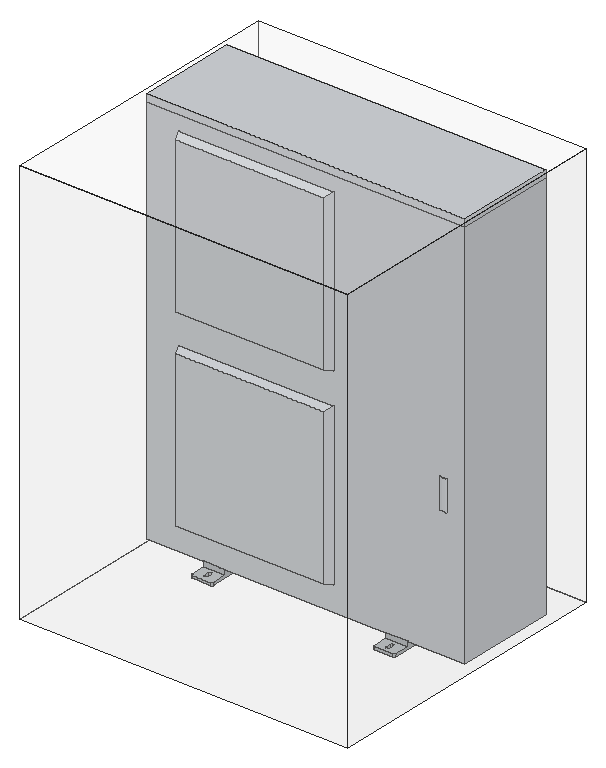
Revit family "puz-hrmp80_160ka10_50hz", category 機械設備, Revit 2023
Family settings
  丸型コネクタ寸法 = 直径を使用
  パーツ タイプ = 標準
  OmniClass 番号 = 23.75.10.24.21.27.27
  OmniClass タイトル = Split System Air Conditioning Units
  作業面ベース = いいえ
  常に垂直 = はい
  ロード時にボイドで切り取り = いいえ
  注釈の向きを維持 = いいえ
  共有 = いいえ
  部屋計算ポイント = いいえ
Parameters (values of type "PUZ-HRMP80KA10")
  風量_冷房 (㎥/min) = 110
  風量 = [風量_冷房 (㎥/min)] * 60.0 m³/h  # 6600.0 m³/h
  音響パワーレベル_暖房 (dB) = 68
  音響パワーレベル_冷房 (dB) = 66
  音響パワーレベル(dB) = if([音響パワーレベル_冷房 (dB)] > [音響パワーレベル_暖房 (dB)], [音響パワーレベル_冷房 (dB)], [音響パワーレベル_暖房 (dB)])  # 68
  電源種別 = ""
  電源位置Y = 2 mm
  電源位置Z = 1063 mm
  電源位置X = 325 mm
  電圧 = 200 V
  電動機出力_送風機 = 0.12 kW
  電動機出力_圧縮機 = 1.5 kW
  集中コントローラ [instance] = ""
  運転質量 = 0.00 kg
  運転方法 = "冷暖切替"
  質量 = if(製品質量 > 運転質量, 製品質量, 運転質量) * 1.2  # 135.60 kg
  負荷分類 = 1_熱源類
  説明 = "空冷H/P PAC インバータ室外機"
  設計暖房能力 [instance] = 0 kW
  設計冷房能力_顕熱 [instance] = 0 kW
  設計冷房能力 [instance] = 0 kW
  設置方法 = "床置形"
  記号 [instance] = ""
  製造元 = "三菱電機株式会社"
  製品質量 = 113.00 kg
  製品出荷対象 = "国内"
  製品リリース年月 = "2026/5/11"
  系統 [instance] = ""
  符号 = "PAC"
  積算_科目 = "1 空気調和設備"
  積算_拾い区分 [instance] = ""
  相 = 3
  盤記号 [instance] = ""
  発停方法 = "別売リモコン"
  特殊仕様 [instance] = ""
  消費電力_暖房 = 1.92 kW
  消費電力_冷房 = 1.77 kW
  消費電力 = if(消費電力_冷房 > 消費電力_暖房, 消費電力_冷房, 消費電力_暖房)  # 1.92 kW
  法定耐用年数 = "6"
  極数 = 3
  材質 [instance] = ""
  本体マテリアル = none
  最小電線太さ_mm2 = 5.5
  最大電流値 = 0 A
  暖房能力 = 8 kW
  既定の高さ = 0 mm
  推奨ブレーカー容量 = 30 A
  据付ピッチ1 = 0 mm
  形式 = "パッケージ形 室外機"
  形名 = PUZ-HDRMP-3 : PUZ-HDRMP-3
  幹線記号 [instance] = ""
  始動方式 = "インバータ"
  呼称 = "パッケージ形空気調和機_室外機"
  周波数 = 50 Hz
  価格 = 0
  ドレン　位置Z = 23 mm
  ドレン　位置Y = 176 mm
  ドレン　位置X = 45 mm
  アンカーボルト位置Y = 370 mm
  アンカーボルト位置X = 600 mm
  参照している仕様書等のバージョン = "公共建築物標準仕様書（機械設備工事編）平成31年度版"
  分類コード = "50053003126100"
  分類グループ = "設備"
  冷房能力 = 7.1 kW
  冷媒管（ガス）位置X = 483 mm
  冷媒管（液）位置X = 423 mm
  冷媒管（液）位置Y = 290 mm
  冷媒管（ガス）位置Y = 234 mm
  冷媒管長 [instance] = 0 mm
  冷媒管径符号 = "Bd"
  冷媒管径 = 100 mm
  冷媒管位置Z = 450 mm
  冷媒管位置Y = (冷媒管（液）位置Y + 冷媒管（ガス）位置Y) / 2  # 262 mm
  冷媒管位置X = (冷媒管（液）位置X + 冷媒管（ガス）位置X) / 2  # 453 mm
  冷媒液管径 = 9.52 mm
  冷媒ガス管径 = 15.88 mm
  企業コード = "108420"
  付属品 [instance] = ""
  ユニット数 = 1
  モデル = "PUZ-HRMP80KA10"
  ドレン管径 = 33 mm
  サービススペース = yes
  コメント [instance] = ""
  【値が 0 の項目は組合せ形名にてご確認ください】 = ""
  Width = 1050 mm
  Version = ""
  Uniclass2015Version = "Systems v1.9"
  Uniclass2015Title = "Split coil remote air cooled condensing units"
  Uniclass2015Code = "Pr_70_65_03_84"
  URL = "https://www.mitsubishielectric.co.jp/ldg/wink/qr/002/364622"
  SpecificationReference = ""
  SpecificationDescription = ""
  Revision = ""
  ProductInformation = ""
  OmniClassCode = "23-33 17 13 11"
  IfcTypeProduct = ""
  IfcProduct = ""
  IfcExportType = "AIRCONDITIONINGUNIT"
  IfcExportAs = "IfcUnitaryEquipmentType"
  Height = 1338 mm
  Depth = 330 mm
  Clearance Top = 0 mm
  Clearance Right = 15 mm
  Clearance Left = 15 mm
  Clearance Front = 500 mm
  Clearance Bottom = 0 mm
  Clearance Back = 150 mm
  COP_暖房 = 0
  COP_冷房 = 0
  COP = (COP_冷房 + COP_暖房) / 2  # 0
  BLCJ仕様バージョン = "2.0"
  Author = "三菱電機株式会社"
  APF = 0
Reference planes
  plane 1 "中心(正面/背面)": y = 74
  plane 2: z = 0
  plane 3 "中心(左/右)": x = 830
  plane 4 "右": x = 1355
  plane 5 "左": x = 305
  plane 6 "背面": y = 239
  plane 7 "正面": y = -91
  plane 8 "上部": z = 1338
  plane 9 "Clearanse Top": z = 1338
  plane 10 "SS_back": y = 389
  plane 11 "SS_front": y = -591
  plane 12 "SS_left": x = 290
  plane 13 "SS_right": x = 1370
  plane 14: z = 0
  plane 15: y = -89
  plane 16: x = 1155
  plane 17: z = 1063
  plane 18: y = -87
  plane 19: y = -23
  plane 20: x = 1283
  plane 21: z = 450
  plane 22: z = 452
  plane 23: y = 63
  plane 24: x = 350
  plane 25: z = 25
  plane 26: z = 23
  plane 27: x = 530
  plane 28: x = 1130
  plane 29: y = 259
  plane 30: y = -111
Forms (mm)
  Extrusion 1, solid, detail levels fine
    sketch origin (0, -91, 0) x (1, 0, 0) y (0, 0, 1)
      loop
        circle (1155, 1063) r 13.5
    from -4 to -2
  Extrusion 2, solid, detail levels fine
    sketch origin (-1437.329, -1524, 54) x (-1, 0, 0) y (0, -1, 0)
      loop
        circle (-2720.329, -1501) r 50
    from 396 to 398
  Extrusion 3, solid, detail levels fine
    sketch origin (-1437.329, -1524, 54) x (-1, 0, 0) y (0, -1, 0)
      loop
        circle (-1787.329, -1587) r 16.5
    from -31 to -29
Lines and regions (mm)
  model lines, not visible
    curve 1: line (460, 178.667, 1289.179) -> (460, 297.73, 1289.179)
    curve 2: line (460, 178.667, 1056.056) -> (460, 178.667, 1289.179)
    curve 3: line (460, 297.73, 1056.056) -> (460, 178.667, 1056.056)
    curve 4: line (460, 297.73, 1289.179) -> (460, 297.73, 1056.056)
    curve 5: line (460, 47.598, 1289.179) -> (460, 166.661, 1289.179)
    curve 6: line (460, 47.598, 1056.056) -> (460, 47.598, 1289.179)
    curve 7: line (460, 166.661, 1056.056) -> (460, 47.598, 1056.056)
    curve 8: line (460, 166.661, 1289.179) -> (460, 166.661, 1056.056)
    curve 9: line (460, -83.471, 1289.179) -> (460, 35.592, 1289.179)
    curve 10: line (460, -83.471, 1056.056) -> (460, -83.471, 1289.179)
    curve 11: line (460, 35.592, 1056.056) -> (460, -83.471, 1056.056)
    curve 12: line (460, 35.592, 1289.179) -> (460, 35.592, 1056.056)
    curve 13: line (460, -150.779, 1289.179) -> (460, -95.75, 1289.179)
    curve 14: line (460, -150.779, 1056.056) -> (460, -150.779, 1289.179)
    curve 15: line (460, -95.75, 1056.056) -> (460, -150.779, 1056.056)
    curve 16: line (460, -95.75, 1289.179) -> (460, -95.75, 1056.056)
    curve 17: line (460, -150.779, 1283.175) -> (460, -132.596, 1283.175)
    curve 18: line (460, -150.779, 1062.059) -> (460, -150.779, 1283.175)
    curve 19: line (460, -132.596, 1062.059) -> (460, -150.779, 1062.059)
    curve 20: line (460, -132.596, 1283.175) -> (460, -132.596, 1062.059)
    curve 21: line (460, 178.667, 1046.051) -> (460, 297.73, 1046.051)
    curve 22: line (460, 178.667, 812.928) -> (460, 178.667, 1046.051)
    curve 23: line (460, 297.73, 812.928) -> (460, 178.667, 812.928)
    curve 24: line (460, 297.73, 1046.051) -> (460, 297.73, 812.928)
    curve 25: line (460, 47.598, 1046.051) -> (460, 166.661, 1046.051)
    curve 26: line (460, 47.598, 812.928) -> (460, 47.598, 1046.051)
    curve 27: line (460, 166.661, 812.928) -> (460, 47.598, 812.928)
    curve 28: line (460, 166.661, 1046.051) -> (460, 166.661, 812.928)
    curve 29: line (460, -83.471, 1046.051) -> (460, 35.592, 1046.051)
    curve 30: line (460, -83.471, 812.928) -> (460, -83.471, 1046.051)
    curve 31: line (460, 35.592, 812.928) -> (460, -83.471, 812.928)
    curve 32: line (460, 35.592, 1046.051) -> (460, 35.592, 812.928)
    curve 33: line (460, -150.779, 1046.051) -> (460, -95.75, 1046.051)
    curve 34: line (460, -150.779, 812.928) -> (460, -150.779, 1046.051)
    curve 35: line (460, -95.75, 812.928) -> (460, -150.779, 812.928)
    curve 36: line (460, -95.75, 1046.051) -> (460, -95.75, 812.928)
    curve 37: line (460, -150.779, 1040.048) -> (460, -132.596, 1040.048)
    curve 38: line (460, -150.779, 818.931) -> (460, -150.779, 1040.048)
    curve 39: line (460, -132.596, 818.931) -> (460, -150.779, 818.931)
    curve 40: line (460, -132.596, 1040.048) -> (460, -132.596, 818.931)
    curve 41: line (460, 178.667, 802.923) -> (460, 297.73, 802.923)
    curve 42: line (460, 178.667, 569.8) -> (460, 178.667, 802.923)
    curve 43: line (460, 297.73, 569.8) -> (460, 178.667, 569.8)
    curve 44: line (460, 297.73, 802.923) -> (460, 297.73, 569.8)
    curve 45: line (460, 47.598, 802.923) -> (460, 166.661, 802.923)
    curve 46: line (460, 47.598, 569.8) -> (460, 47.598, 802.923)
    curve 47: line (460, 166.661, 569.8) -> (460, 47.598, 569.8)
    curve 48: line (460, 166.661, 802.923) -> (460, 166.661, 569.8)
    curve 49: line (460, -83.471, 802.923) -> (460, 35.592, 802.923)
    curve 50: line (460, -83.471, 569.8) -> (460, -83.471, 802.923)
    curve 51: line (460, 35.592, 569.8) -> (460, -83.471, 569.8)
    curve 52: line (460, 35.592, 802.923) -> (460, 35.592, 569.8)
    curve 53: line (460, -150.779, 802.923) -> (460, -95.75, 802.923)
    curve 54: line (460, -150.779, 569.8) -> (460, -150.779, 802.923)
    curve 55: line (460, -95.75, 569.8) -> (460, -150.779, 569.8)
    curve 56: line (460, -95.75, 802.923) -> (460, -95.75, 569.8)
    curve 57: line (460, -150.779, 796.92) -> (460, -132.596, 796.92)
    curve 58: line (460, -150.779, 575.803) -> (460, -150.779, 796.92)
    curve 59: line (460, -132.596, 575.803) -> (460, -150.779, 575.803)
    curve 60: line (460, -132.596, 796.92) -> (460, -132.596, 575.803)
    curve 61: line (460, 178.667, 559.795) -> (460, 297.73, 559.795)
    curve 62: line (460, 178.667, 326.672) -> (460, 178.667, 559.795)
    curve 63: line (460, 297.73, 326.672) -> (460, 178.667, 326.672)
    curve 64: line (460, 297.73, 559.795) -> (460, 297.73, 326.672)
    curve 65: line (460, 47.598, 559.795) -> (460, 166.661, 559.795)
    curve 66: line (460, 47.598, 326.672) -> (460, 47.598, 559.795)
    curve 67: line (460, 166.661, 326.672) -> (460, 47.598, 326.672)
    curve 68: line (460, 166.661, 559.795) -> (460, 166.661, 326.672)
    curve 69: line (460, -83.471, 559.795) -> (460, 35.592, 559.795)
    curve 70: line (460, -83.471, 326.672) -> (460, -83.471, 559.795)
    curve 71: line (460, 35.592, 326.672) -> (460, -83.471, 326.672)
    curve 72: line (460, 35.592, 559.795) -> (460, 35.592, 326.672)
    curve 73: line (460, -150.779, 559.795) -> (460, -95.75, 559.795)
    curve 74: line (460, -150.779, 326.672) -> (460, -150.779, 559.795)
    curve 75: line (460, -95.75, 326.672) -> (460, -150.779, 326.672)
    curve 76: line (460, -95.75, 559.795) -> (460, -95.75, 326.672)
    curve 77: line (460, -150.779, 553.792) -> (460, -132.596, 553.792)
    curve 78: line (460, -150.779, 332.675) -> (460, -150.779, 553.792)
    curve 79: line (460, -132.596, 332.675) -> (460, -150.779, 332.675)
    curve 80: line (460, -132.596, 553.792) -> (460, -132.596, 332.675)
    curve 81: line (460, 178.667, 316.667) -> (460, 297.73, 316.667)
    curve 82: line (460, 178.667, 83.544) -> (460, 178.667, 316.667)
    curve 83: line (460, 297.73, 83.544) -> (460, 178.667, 83.544)
    curve 84: line (460, 297.73, 316.667) -> (460, 297.73, 83.544)
    curve 85: line (460, 47.598, 316.667) -> (460, 166.661, 316.667)
    curve 86: line (460, 47.598, 83.544) -> (460, 47.598, 316.667)
    curve 87: line (460, 166.661, 83.544) -> (460, 47.598, 83.544)
    curve 88: line (460, 166.661, 316.667) -> (460, 166.661, 83.544)
    curve 89: line (460, -83.471, 316.667) -> (460, 35.592, 316.667)
    curve 90: line (460, -83.471, 83.544) -> (460, -83.471, 316.667)
    curve 91: line (460, 35.592, 83.544) -> (460, -83.471, 83.544)
    curve 92: line (460, 35.592, 316.667) -> (460, 35.592, 83.544)
    curve 93: line (460, -150.779, 316.667) -> (460, -95.75, 316.667)
    curve 94: line (460, -150.779, 83.544) -> (460, -150.779, 316.667)
    curve 95: line (460, -95.75, 83.544) -> (460, -150.779, 83.544)
    curve 96: line (460, -95.75, 316.667) -> (460, -95.75, 83.544)
    curve 97: line (460, -150.779, 310.664) -> (460, -132.596, 310.664)
    curve 98: line (460, -150.779, 89.547) -> (460, -150.779, 310.664)
    curve 99: line (460, -132.596, 89.547) -> (460, -150.779, 89.547)
    curve 100: line (460, -132.596, 310.664) -> (460, -132.596, 89.547)
Dimensions and locks
  equal spacing: plane 7 "正面", plane 1 "中心(正面/背面)", plane 6 "背面"
  "Depth": plane 7 "正面" to plane 6 "背面"
  "Width": plane 5 "左" to plane 4 "右"
  equal spacing: plane 5 "左", plane 3 "中心(左/右)", plane 4 "右"
  "Clearance Left": plane 12 "SS_left" to plane 5 "左"
  "Clearance Right": plane 4 "右" to plane 13 "SS_right"
  "Clearance Back": plane 6 "背面" to plane 10 "SS_back"
  "Clearance Front": plane 11 "SS_front" to plane 7 "正面"
  "Height": plane 8 "上部" to level
  "Clearance Top": plane 9 "Clearanse Top" to plane 8 "上部"
  "Clearance Bottom": level to plane 14
  "電源位置X": plane 3 "中心(左/右)" to plane 16
  "電源位置Y": plane 7 "正面" to plane 15
  "電源位置Z": plane 17 to level
  locked: plane 15 to plane 18 at 2
  "冷媒管位置X": plane 3 "中心(左/右)" to plane 20
  "冷媒管位置Y": plane 19 to plane 6 "背面"
  "冷媒管位置Z": plane 21 to level
  locked: plane 22 to plane 21 at 2
  "ドレン　位置X": plane 5 "左" to plane 24
  "ドレン　位置Y": plane 23 to plane 6 "背面"
  locked: plane 25 to plane 26 at 2
  "ドレン　位置Z": plane 26 to level
  equal spacing: plane 30, plane 1 "中心(正面/背面)", plane 29
  "アンカーボルト位置Y": plane 30 to plane 29
  equal spacing: plane 27, plane 3 "中心(左/右)", plane 28
  "アンカーボルト位置X": plane 27 to plane 28
  radius of Extrusion 1 sketch curve = 13.5 mm
  "冷媒管径": diameter of Extrusion 2 sketch curve
  "ドレン管径": diameter of Extrusion 3 sketch curve
  aligned and locked: level to plane 2
  aligned and locked: plane 10 "SS_back" to nested 1  (x2)
  aligned and locked: plane 13 "SS_right" to nested 1
  aligned and locked: plane 12 "SS_left" to nested 1  (x2)
  aligned and locked: nested 1 to plane 13 "SS_right"
  aligned and locked: plane 11 "SS_front" to nested 1
  aligned and locked: plane 9 "Clearanse Top" to nested 1
  aligned and locked: plane 1 "中心(正面/背面)" to nested 2
  aligned and locked: plane 3 "中心(左/右)" to nested 2
  aligned and locked: plane 14 to nested 1
  aligned and locked: plane 17 to Extrusion 1 sketch curve
  aligned and locked: plane 16 to Extrusion 1 sketch curve
  aligned and locked: Extrusion 1 to plane 18
  aligned and locked: plane 15 to Extrusion 1
  aligned and locked: plane 19 to Extrusion 2 sketch curve
  aligned and locked: plane 20 to Extrusion 2 sketch curve
  aligned and locked: plane 22 to Extrusion 2
  aligned and locked: Extrusion 2 to plane 21
  aligned and locked: plane 24 to Extrusion 3 sketch curve
  aligned and locked: plane 23 to Extrusion 3 sketch curve
  aligned and locked: plane 25 to Extrusion 3
  aligned and locked: Extrusion 3 to plane 26
  aligned and locked: plane 27 to nested 3
  aligned and locked: plane 29 to nested 3
Nested families
  nested 1: "サービススペース" at (830, -101, 669), visible <- "サービススペース", type "サービススペース"
    with Width 1080 mm, Height 1338 mm, Depth 980 mm
  nested 2: "PUZ-HDRMP-3" at (830, 74, 0), type <- "形名", type "PUZ-HDRMP-3", detail levels fine
  nested 3: "固定点" at (530, -111, 0), type "固定点"
    with W 600 mm, D 370 mm
Connectors
  piping at (1283, -23, 450), diameter 100, driven by "冷媒管径", driven by "冷媒管径符号"
    settings: on Extrusion 2, index 1, connector inside diameter 609.6 mm, connector length 0 mm, flow factor 0, pipe flow 0.0 L/s, pressure drop 0.0 Pa, fitting loss kfactor 0, connector angle 0.00°, fixture units 0, engagement length 0 mm, angle of deflection 0.00°, flow configuration 1, flow direction 2, fitting loss method 4, system type 7, joint type 0, gender type 0, connector reference index -1, connector utility 0, adjustable connector no, is connector primary yes, connector description "Bd"
  electrical at (1155, -89, 1063), driven by "極数", driven by "負荷分類", driven by "電圧", driven by "消費電力"
    settings: on Extrusion 1, index 2, voltage 200 V, apparent load 1920 VA, apparent load phase1 0 VA, apparent load phase2 0 VA, apparent load phase3 0 VA, power factor 1, load classification "1_熱源類", number of poles 3, system type 30, power factor state 1, is connector primary yes, connector utility no, sub classification motor no, connector description ""
Definition of nested family "サービススペース"
  Parameters (values of type "サービススペース")
    Default Elevation = 0 mm
    Width [instance] = 500 mm
    Height [instance] = 500 mm
    Depth [instance] = 500 mm
  Reference planes
    plane 1 "中心(正面/背面)": y = 0
    plane 2: z = 0
    plane 3 "中心(左/右)": x = 0
    plane 4: y = -250
    plane 5: x = 250
    plane 6: y = 250
    plane 7: x = -250
    plane 8: z = 250
    plane 9: z = -250
  Forms (mm)
    Extrusion 1, solid
      sketch origin (-638.939, 0, 72.39) x (1, 0, 0) y (0, 1, 0)
        loop
          line (388.939, 250) -> (388.939, -250) -> (888.939, -250) -> (888.939, 250) -> (388.939, 250)
      from -322.39 to 177.61
  Lines and regions (mm)
    symbolic lines
      curve 1: line (-250, 0, 250) -> (250, 0, 250)
      curve 2: line (-250, 0, -250) -> (-250, 0, 250)
      curve 3: line (250, 0, -250) -> (-250, 0, -250)
      curve 4: line (250, 0, 250) -> (250, 0, -250)
      curve 5: line (0, -250, 250) -> (0, 250, 250)
      curve 6: line (0, -250, -250) -> (0, -250, 250)
      curve 7: line (0, 250, -250) -> (0, -250, -250)
      curve 8: line (0, 250, 250) -> (0, 250, -250)
      curve 9: line (-250, 250, 0) -> (250, 250, 0)
      curve 10: line (-250, -250, 0) -> (-250, 250, 0)
      curve 11: line (250, -250, 0) -> (-250, -250, 0)
      curve 12: line (250, 250, 0) -> (250, -250, 0)
  Dimensions and locks
    equal spacing: plane 7, plane 3 "中心(左/右)", plane 5
    equal spacing: plane 4, plane 1 "中心(正面/背面)", plane 6
    "Depth": plane 4 to plane 6
    "Width": plane 7 to plane 5
    equal spacing: plane 8, plane 2, plane 9
    "Height": plane 8 to plane 9
    aligned and locked: plane 9 to curve 3
    aligned and locked: plane 7 to curve 2
    aligned and locked: curve 4 to plane 5
    aligned and locked: plane 5 to Extrusion 1
    aligned and locked: Extrusion 1 to plane 7
    aligned and locked: Extrusion 1 to plane 9
    aligned and locked: plane 8 to Extrusion 1
    aligned and locked: plane 9 to curve 7
  Automatic sketch dimensions
    plane 4 to Extrusion 1 sketch curve = 0 mm
    Extrusion 1 sketch curve to plane 7 = 0 mm
    Extrusion 1 sketch curve to plane 5 = 0 mm
    plane 6 to Extrusion 1 sketch curve = 0 mm
    curve 2 to plane 8 = 0 mm
    plane 4 to curve 11 = 0 mm
    curve 11 to plane 7 = 0 mm
    curve 11 to plane 5 = 0 mm
    plane 6 to curve 10 = 0 mm
    curve 7 to plane 4 = 0 mm
    curve 7 to plane 6 = 0 mm
    curve 6 to plane 8 = 0 mm
Definition of nested family "PUZ-HDRMP-3"
  Parameters (values of type "PUZ-HDRMP-3")
    配線取出口サイズ = 27 mm
    配線取出口-Z = 1063 mm
    配線取出口-Y = 325 mm
    配線取出口-X = 325 mm
    液配管サイズ = 100 mm
    高さ = 1338 mm
    Default Elevation = 0 mm
    換気-W = 362 mm
    換気-H2 = 632 mm
    換気-H1 = 369 mm
    換気-D = 25 mm
    奥行き = 330 mm
    吊りボルト_H = 0 mm
    吊りボルト-φ = 12 mm
    冷媒配管サイズ = 9.52 mm
    冷媒液管径-Z = 450 mm
    冷媒液管径-Y = 290 mm
    冷媒液管径-X = 423 mm
    冷媒ガス管径-Z = 421 mm
    冷媒ガス管径-Y = 274 mm
    冷媒ガス管径-X = 483 mm
    吊りボルト-W = 600 mm
    マテリアル = none
    ドレン配管サイズ = 33 mm
    ドレン管径-Z = 0 mm
    ドレン管径-Y = 154 mm
    ドレン管径-X = 480 mm
    タイプ3 = yes
    タイプ2 = no
    タイプ1 = no
    ガス配管サイズ = 15.88 mm
    吊りボルト-D = 370 mm
    幅さ = 1050 mm
    a = 幅さ / 2  # 525 mm
  Reference planes
    plane 1 "中心(正面/背面)": y = 0
    plane 2: z = 0
    plane 3 "中心(左/右)": x = 0
    plane 4: z = 1338
    plane 5: x = -525
    plane 6: x = 525
    plane 7: y = 165
    plane 8: y = -165
    plane 9: x = 587
    plane 10: y = -105
    plane 11: y = 5
    plane 12: z = 1313
    plane 13: x = -545
    plane 14: x = -300
    plane 15: x = 300
    plane 16: y = 185
    plane 17: y = -185
    plane 18: x = 335
    plane 19: x = 265
    plane 20: x = -265
    plane 21: x = -335
    plane 22: y = 204
    plane 23: y = -218
    plane 24: z = 8.5
    plane 25: z = 25
    plane 26: z = 23
    plane 27: z = 1333
    plane 28: y = -40
    plane 29: y = 40
    plane 30: y = -30
    plane 31: y = 30
    plane 32: z = 1318
    plane 33: z = 55
    plane 34: z = 225
    plane 35: z = 570
    plane 36: x = 535
    plane 37: x = 556
    plane 38: y = -190
    plane 39: x = -163
    plane 40: z = 369
    plane 41: x = 91
    plane 42: x = -417
    plane 43: z = 633
    plane 44: z = 105
    plane 45: x = -407
    plane 46: x = 81
    plane 47: z = 623
    plane 48: z = 115
    plane 49: y = 115
    plane 50: y = -115
    plane 51: x = -480
    plane 52: y = -11
    plane 53: x = 483
    plane 54: x = 325
    plane 55: y = -160
    plane 56: y = -125
    plane 57: y = -109
    plane 58: x = 423
    plane 59: z = 421
    plane 60: z = 450
    plane 61: z = 1063
    plane 62: y = -110
    plane 63: z = 550
    plane 64: z = 550
    plane 65: x = 453
    plane 66: y = -117
    plane 67 "グループ": x = -525
    plane 68: z = 1338
    plane 69: z = 943
    plane 70: z = 1001
    plane 71: z = 1265
    plane 72: z = 737
    plane 73: z = 1255
    plane 74: z = 747
    plane 75: y = 125
    plane 76: x = -370
    plane 77: x = -210
    plane 78: x = -50
    plane 79: x = 110
  Forms (mm)
    Extrusion 1, solid, visible <- "タイプ3", detail levels fine
      sketch origin (-1437.329, -1524, 1338) x (-1, 0, 0) y (0, -1, 0)
        loop
          line (-1102.329, -1689) -> (-1102.329, -1359) -> (-1172.329, -1359) -> (-1172.329, -1689) -> (-1102.329, -1689)
        loop
          line (-1702.329, -1689) -> (-1702.329, -1359) -> (-1772.329, -1359) -> (-1772.329, -1689) -> (-1702.329, -1689)
      from -1338 to -1313
    Extrusion 2, solid, material <- "マテリアル", visible <- "タイプ3", detail levels fine
      sketch origin (-1437.329, -1524, 1338) x (-1, 0, 0) y (0, -1, 0)
        loop
          line (-1962.329, -1689) -> (-912.329, -1689) -> (-912.329, -1359) -> (-1962.329, -1359) -> (-1962.329, -1689)
      from -1313 to -25
    Extrusion 3, solid, material <- "マテリアル", visible <- "タイプ3", detail levels fine
      sketch origin (-1437.329, -1524, 1338) x (-1, 0, 0) y (0, -1, 0)
        loop
          line (-912.329, -1689) -> (-912.329, -1359) -> (-1962.329, -1359) -> (-1962.329, -1689) -> (-912.329, -1689)
      from -25 to 0
    Blend 4, solid, material <- "マテリアル", visible <- "タイプ3", detail levels fine
      base sketch origin (0, 0, 0) x (1, 0, 0) y (0, 0, 1)
        loop
          line (-417, 633) -> (-417, 105) -> (91, 105) -> (91, 633) -> (-417, 633)
      top sketch origin (0, 0, 0) x (1, 0, 0) y (0, 0, 1)
        loop
          line (-407, 623) -> (-407, 115) -> (81, 115) -> (81, 623) -> (-407, 623)
      from 165 to 190
    Extrusion 5, solid, material <- "マテリアル", visible <- "タイプ3", detail levels fine
      sketch origin (-1437.329, -1524, 1338) x (-1, 0, 0) y (0, -1, 0)
        loop
          circle (-1920.329, -1415) r 7.94
      from -917 to -788
    Extrusion 6, solid, material <- "マテリアル", visible <- "タイプ3", detail levels fine
      sketch origin (-1437.329, -1524, 1338) x (-1, 0, 0) y (0, -1, 0)
        loop
          circle (-1860.329, -1399) r 4.76
      from -888 to -788
    Extrusion 7, solid, material <- "マテリアル", visible <- "タイプ3", detail levels fine
      sketch origin (1480.036, -190, 1200) x (1, 0, 0) y (0, 0, 1)
        loop
          circle (-1155.036, -137) r 13.5
      from -80 to -30
    Extrusion 8, solid, material <- "マテリアル", visible <- "タイプ3", detail levels fine
      sketch origin (-1437.329, -1524, 1338) x (-1, 0, 0) y (0, -1, 0)
        loop
          circle (-1890.329, -1407) r 50
      from -888 to -788
    Blend 9, solid, material <- "マテリアル", visible <- "タイプ3", detail levels fine
      base sketch origin (1480.036, -190, 1200) x (1, 0, 0) y (0, 0, 1)
        loop
          line (-1897.036, 65) -> (-1897.036, -463) -> (-1389.036, -463) -> (-1389.036, 65) -> (-1897.036, 65)
      top sketch origin (1480.036, -190, 1200) x (1, 0, 0) y (0, 0, 1)
        loop
          line (-1887.036, 55) -> (-1887.036, -453) -> (-1399.036, -453) -> (-1399.036, 55) -> (-1887.036, 55)
      from -25 to 0
    Extrusion 10, solid, visible <- "タイプ3", detail levels fine
      sketch origin (-1437.329, -1524, 1338) x (-1, 0, 0) y (0, -1, 0)
        loop
          line (-1102.329, -1728) -> (-1102.329, -1689) -> (-1172.329, -1689) -> (-1172.329, -1728) -> (-1143.329, -1728) -> (-1143.329, -1709)
          arc (-1143.329, -1709) -> (-1137.329, -1703) -> (-1131.329, -1709) r 6
          line (-1131.329, -1709) -> (-1131.329, -1728) -> (-1102.329, -1728)
        loop
          line (-1102.329, -1359) -> (-1102.329, -1311)
          arc (-1102.329, -1311) -> (-1103.794, -1307.464) -> (-1107.329, -1306) r 5
          line (-1107.329, -1306) -> (-1167.329, -1306)
          arc (-1167.329, -1306) -> (-1170.865, -1307.464) -> (-1172.329, -1311) r 5
          line (-1172.329, -1311) -> (-1172.329, -1359) -> (-1102.329, -1359)
        loop
          arc (-1143.329, -1339) -> (-1137.329, -1345) -> (-1131.329, -1339) r 6
          line (-1131.329, -1339) -> (-1131.329, -1324)
          arc (-1131.329, -1324) -> (-1137.329, -1318) -> (-1143.329, -1324) r 6
          line (-1143.329, -1324) -> (-1143.329, -1339)
        loop
          line (-1772.329, -1728) -> (-1743.329, -1728) -> (-1743.329, -1709)
          arc (-1743.329, -1709) -> (-1737.329, -1703) -> (-1731.329, -1709) r 6
          line (-1731.329, -1709) -> (-1731.329, -1728) -> (-1702.329, -1728) -> (-1702.329, -1689) -> (-1772.329, -1689) -> (-1772.329, -1728)
        loop
          line (-1772.329, -1359) -> (-1702.329, -1359) -> (-1702.329, -1311)
          arc (-1702.329, -1311) -> (-1703.794, -1307.464) -> (-1707.329, -1306) r 5
          line (-1707.329, -1306) -> (-1767.329, -1306)
          arc (-1767.329, -1306) -> (-1770.865, -1307.464) -> (-1772.329, -1311) r 5
          line (-1772.329, -1311) -> (-1772.329, -1359)
        loop
          line (-1731.329, -1339) -> (-1731.329, -1324)
          arc (-1731.329, -1324) -> (-1737.329, -1318) -> (-1743.329, -1324) r 6
          line (-1743.329, -1324) -> (-1743.329, -1339)
          arc (-1743.329, -1339) -> (-1737.329, -1345) -> (-1731.329, -1339) r 6
      from -1338 to -1329.5
    Extrusion 11, solid, material <- "マテリアル", visible <- "タイプ3", detail levels fine
      sketch origin (-1437.329, -1524, 1338) x (-1, 0, 0) y (0, -1, 0)
        loop
          circle (-957.329, -1513) r 16.5
        loop
          circle (-1067.329, -1649) r 16.5
        loop
          circle (-1227.329, -1649) r 16.5
        loop
          circle (-1387.329, -1649) r 16.5
        loop
          circle (-1547.329, -1649) r 16.5
      from -1315 to -1313
  Cuts and joins
    joined: Extrusion 1, Extrusion 10
  Lines and regions (mm)
    Masking region 1, visible <- "タイプ3", detail levels coarse+medium
      outline origin (-1437.329, -1524, 1338) x (-1, 0, 0) y (0, -1, 0)
        loop
          line (-1962.329, -1689) -> (-1772.329, -1689) -> (-1772.329, -1728) -> (-1702.329, -1728) -> (-1702.329, -1689) -> (-1172.329, -1689) -> (-1172.329, -1728) -> (-1102.329, -1728) -> (-1102.329, -1689) -> (-912.329, -1689) -> (-912.329, -1359) -> (-1020.329, -1359) -> (-1030.329, -1334) -> (-1102.329, -1334) -> (-1102.329, -1306) -> (-1172.329, -1306) -> (-1172.329, -1334) -> (-1518.329, -1334) -> (-1528.329, -1359) -> (-1702.329, -1359) -> (-1702.329, -1306) -> (-1772.329, -1306) -> (-1772.329, -1359) -> (-1962.329, -1359) -> (-1962.329, -1689)
    model lines, visible <- "タイプ3", detail levels fine
      curve 1: line (447, 115, 1338) -> (-445, 115, 1338)
      curve 2: line (-445, -115, 1338) -> (447, -115, 1338)
      curve 3: line (-445, -45, 1338) -> (447, -45, 1338)
      curve 4: line (447, 45, 1338) -> (-445, 45, 1338)
      curve 5: line (-445, -35, 1338) -> (447, -35, 1338)
      curve 6: line (447, 35, 1338) -> (-445, 35, 1338)
      curve 7: line (-445, 115, 1338) -> (-445, 45, 1338)
      curve 8: line (447, -115, 1338) -> (447, -45, 1338)
      curve 9: line (-445, 35, 1338) -> (-445, -35, 1338)
      curve 10: line (-445, -45, 1338) -> (-445, -115, 1338)
      curve 11: line (447, -35, 1338) -> (447, 35, 1338)
      curve 12: line (447, 45, 1338) -> (447, 115, 1338)
      curve 13: line (479, -115, 1338) -> (479, 115, 1338)
      curve 14: line (462, -115, 1338) -> (462, 115, 1338)
      curve 15: line (-475, 115, 1338) -> (-475, -115, 1338)
      curve 16: line (-460, 115, 1338) -> (-460, -115, 1338)
      curve 17: line (-460, 115, 1338) -> (-475, 115, 1338)
      curve 18: line (-460, -115, 1338) -> (-475, -115, 1338)
      curve 19: line (462, 115, 1338) -> (479, 115, 1338)
      curve 20: line (462, -115, 1338) -> (479, -115, 1338)
      curve 21: line (-407, -190, 416.5) -> (81, -190, 416.5)
      curve 22: line (81, -190, 321.5) -> (-407, -190, 321.5)
      curve 23: line (-407, -190, 511.5) -> (81, -190, 511.5)
      curve 24: line (-407, -190, 606.5) -> (81, -190, 606.5)
      curve 25: line (81, -190, 226.5) -> (-407, -190, 226.5)
      curve 26: line (81, -190, 131.5) -> (-407, -190, 131.5)
      curve 27: line (-389.571, -190, 623) -> (-389.571, -190, 115)
      curve 28: line (63.571, -190, 115) -> (63.571, -190, 623)
      curve 29: line (-372.143, -190, 623) -> (-372.143, -190, 115)
      curve 30: line (-354.714, -190, 623) -> (-354.714, -190, 115)
      curve 31: line (-337.286, -190, 623) -> (-337.286, -190, 115)
      curve 32: line (-319.857, -190, 623) -> (-319.857, -190, 115)
      curve 33: line (-302.429, -190, 623) -> (-302.429, -190, 115)
      curve 34: line (-285, -190, 623) -> (-285, -190, 115)
      curve 35: line (-267.571, -190, 623) -> (-267.571, -190, 115)
      curve 36: line (-250.143, -190, 623) -> (-250.143, -190, 115)
      curve 37: line (-232.714, -190, 623) -> (-232.714, -190, 115)
      curve 38: line (-215.286, -190, 623) -> (-215.286, -190, 115)
      curve 39: line (-197.857, -190, 623) -> (-197.857, -190, 115)
      curve 40: line (-180.429, -190, 623) -> (-180.429, -190, 115)
      curve 41: line (-163, -190, 623) -> (-163, -190, 115)
      curve 42: line (-145.571, -190, 623) -> (-145.571, -190, 115)
      curve 43: line (-128.143, -190, 623) -> (-128.143, -190, 115)
      curve 44: line (-110.714, -190, 623) -> (-110.714, -190, 115)
      curve 45: line (-93.286, -190, 623) -> (-93.286, -190, 115)
      curve 46: line (-75.857, -190, 623) -> (-75.857, -190, 115)
      curve 47: line (-58.429, -190, 623) -> (-58.429, -190, 115)
      curve 48: line (-41, -190, 623) -> (-41, -190, 115)
      curve 49: line (-23.571, -190, 623) -> (-23.571, -190, 115)
      curve 50: line (-6.143, -190, 623) -> (-6.143, -190, 115)
      curve 51: line (11.286, -190, 623) -> (11.286, -190, 115)
      curve 52: line (28.714, -190, 623) -> (28.714, -190, 115)
      curve 53: line (46.143, -190, 623) -> (46.143, -190, 115)
      curve 54: line (-525, -100, 87) -> (-525, -60, 87)
      curve 55: line (-525, -100, 277) -> (-525, -100, 87)
      curve 56: line (-525, -60, 277) -> (-525, -100, 277)
      curve 57: line (-525, -60, 87) -> (-525, -60, 277)
      curve 58: line (-525, -100, 292) -> (-525, -60, 292)
      curve 59: line (-525, -100, 482) -> (-525, -100, 292)
      curve 60: line (-525, -60, 482) -> (-525, -100, 482)
      curve 61: line (-525, -60, 292) -> (-525, -60, 482)
      curve 62: line (-525, -100, 497) -> (-525, -60, 497)
      curve 63: line (-525, -100, 687) -> (-525, -100, 497)
      curve 64: line (-525, -60, 687) -> (-525, -100, 687)
      curve 65: line (-525, -60, 497) -> (-525, -60, 687)
      curve 66: line (-525, -100, 702) -> (-525, -60, 702)
      curve 67: line (-525, -100, 892) -> (-525, -100, 702)
      curve 68: line (-525, -60, 892) -> (-525, -100, 892)
      curve 69: line (-525, -60, 702) -> (-525, -60, 892)
      curve 70: line (-525, 60, 87) -> (-525, 100, 87)
      curve 71: line (-525, 60, 277) -> (-525, 60, 87)
      curve 72: line (-525, 100, 277) -> (-525, 60, 277)
      curve 73: line (-525, 100, 87) -> (-525, 100, 277)
      curve 74: line (-525, -46.667, 87) -> (-525, -6.667, 87)
      curve 75: line (-525, -46.667, 277) -> (-525, -46.667, 87)
      curve 76: line (-525, -6.667, 277) -> (-525, -46.667, 277)
      curve 77: line (-525, -6.667, 87) -> (-525, -6.667, 277)
      curve 78: line (-525, 6.667, 87) -> (-525, 46.667, 87)
      curve 79: line (-525, 6.667, 277) -> (-525, 6.667, 87)
      curve 80: line (-525, 46.667, 277) -> (-525, 6.667, 277)
      curve 81: line (-525, 46.667, 87) -> (-525, 46.667, 277)
      curve 82: line (-525, 60, 292) -> (-525, 100, 292)
      curve 83: line (-525, 60, 482) -> (-525, 60, 292)
      curve 84: line (-525, 100, 482) -> (-525, 60, 482)
      curve 85: line (-525, 100, 292) -> (-525, 100, 482)
      curve 86: line (-525, 60, 702) -> (-525, 100, 702)
      curve 87: line (-525, 60, 892) -> (-525, 60, 702)
      curve 88: line (-525, 100, 892) -> (-525, 60, 892)
      curve 89: line (-525, 100, 702) -> (-525, 100, 892)
      curve 90: line (-525, -46.667, 292) -> (-525, -6.667, 292)
      curve 91: line (-525, -46.667, 482) -> (-525, -46.667, 292)
      curve 92: line (-525, -6.667, 482) -> (-525, -46.667, 482)
      curve 93: line (-525, -6.667, 292) -> (-525, -6.667, 482)
      curve 94: line (-525, -46.667, 497) -> (-525, -6.667, 497)
      curve 95: line (-525, -46.667, 687) -> (-525, -46.667, 497)
      curve 96: line (-525, -6.667, 687) -> (-525, -46.667, 687)
      curve 97: line (-525, -6.667, 497) -> (-525, -6.667, 687)
      curve 98: line (-525, -46.667, 702) -> (-525, -6.667, 702)
      curve 99: line (-525, -46.667, 892) -> (-525, -46.667, 702)
      curve 100: line (-525, -6.667, 892) -> (-525, -46.667, 892)
      curve 101: line (-525, -6.667, 702) -> (-525, -6.667, 892)
      curve 102: line (-525, 6.667, 292) -> (-525, 46.667, 292)
      curve 103: line (-525, 6.667, 482) -> (-525, 6.667, 292)
      curve 104: line (-525, 46.667, 482) -> (-525, 6.667, 482)
      curve 105: line (-525, 46.667, 292) -> (-525, 46.667, 482)
      curve 106: line (-525, 6.667, 497) -> (-525, 46.667, 497)
      curve 107: line (-525, 6.667, 687) -> (-525, 6.667, 497)
      curve 108: line (-525, 46.667, 687) -> (-525, 6.667, 687)
      curve 109: line (-525, 46.667, 497) -> (-525, 46.667, 687)
      curve 110: line (-525, 6.667, 702) -> (-525, 46.667, 702)
      curve 111: line (-525, 6.667, 892) -> (-525, 6.667, 702)
      curve 112: line (-525, 46.667, 892) -> (-525, 6.667, 892)
      curve 113: line (-525, 46.667, 702) -> (-525, 46.667, 892)
      curve 114: line (-525, -100, 907) -> (-525, -60, 907)
      curve 115: line (-525, -100, 1097) -> (-525, -100, 907)
      curve 116: line (-525, -60, 1097) -> (-525, -100, 1097)
      curve 117: line (-525, -60, 907) -> (-525, -60, 1097)
      curve 118: line (-525, 60, 907) -> (-525, 100, 907)
      curve 119: line (-525, 60, 1097) -> (-525, 60, 907)
      curve 120: line (-525, 100, 1097) -> (-525, 60, 1097)
      curve 121: line (-525, 100, 907) -> (-525, 100, 1097)
      curve 122: line (-525, -46.667, 907) -> (-525, -6.667, 907)
      curve 123: line (-525, -46.667, 1097) -> (-525, -46.667, 907)
      curve 124: line (-525, -6.667, 1097) -> (-525, -46.667, 1097)
      curve 125: line (-525, -6.667, 907) -> (-525, -6.667, 1097)
      curve 126: line (-525, 6.667, 907) -> (-525, 46.667, 907)
      curve 127: line (-525, 6.667, 1097) -> (-525, 6.667, 907)
      curve 128: line (-525, 46.667, 1097) -> (-525, 6.667, 1097)
      curve 129: line (-525, 46.667, 907) -> (-525, 46.667, 1097)
      curve 130: line (-525, -100, 1112) -> (-525, -60, 1112)
      curve 131: line (-525, -100, 1302) -> (-525, -100, 1112)
      curve 132: line (-525, -60, 1302) -> (-525, -100, 1302)
      curve 133: line (-525, -60, 1112) -> (-525, -60, 1302)
      curve 134: line (-525, 60, 1112) -> (-525, 100, 1112)
      curve 135: line (-525, 60, 1302) -> (-525, 60, 1112)
      curve 136: line (-525, 100, 1302) -> (-525, 60, 1302)
      curve 137: line (-525, 100, 1112) -> (-525, 100, 1302)
      curve 138: line (-525, -46.667, 1112) -> (-525, -6.667, 1112)
      curve 139: line (-525, -46.667, 1302) -> (-525, -46.667, 1112)
      curve 140: line (-525, -6.667, 1302) -> (-525, -46.667, 1302)
      curve 141: line (-525, -6.667, 1112) -> (-525, -6.667, 1302)
      curve 142: line (-525, 6.667, 1112) -> (-525, 46.667, 1112)
      curve 143: line (-525, 6.667, 1302) -> (-525, 6.667, 1112)
      curve 144: line (-525, 46.667, 1302) -> (-525, 6.667, 1302)
      curve 145: line (-525, 46.667, 1112) -> (-525, 46.667, 1302)
      curve 303: line (81, -190, 1238.5) -> (-407, -190, 1238.5)
      curve 304: line (-407, -190, 763.5) -> (81, -190, 763.5)
      curve 305: line (-389.571, -190, 1255) -> (-389.571, -190, 747)
      curve 306: line (81, -190, 858.5) -> (-407, -190, 858.5)
      curve 307: line (81, -190, 1143.5) -> (-407, -190, 1143.5)
      curve 308: line (81, -190, 1048.5) -> (-407, -190, 1048.5)
      curve 309: line (-407, -190, 953.5) -> (81, -190, 953.5)
      curve 310: line (-372.143, -190, 1255) -> (-372.143, -190, 747)
      curve 311: line (-354.714, -190, 1255) -> (-354.714, -190, 747)
      curve 312: line (-337.286, -190, 1255) -> (-337.286, -190, 747)
      curve 313: line (-319.857, -190, 1255) -> (-319.857, -190, 747)
      curve 314: line (-302.429, -190, 1255) -> (-302.429, -190, 747)
      curve 315: line (-285, -190, 1255) -> (-285, -190, 747)
      curve 316: line (-267.571, -190, 1255) -> (-267.571, -190, 747)
      curve 317: line (-250.143, -190, 1255) -> (-250.143, -190, 747)
      curve 318: line (-232.714, -190, 1255) -> (-232.714, -190, 747)
      curve 319: line (-215.286, -190, 1255) -> (-215.286, -190, 747)
      curve 320: line (-197.857, -190, 1255) -> (-197.857, -190, 747)
      curve 321: line (-180.429, -190, 1255) -> (-180.429, -190, 747)
      curve 322: line (-163, -190, 1255) -> (-163, -190, 747)
      curve 323: line (-145.571, -190, 1255) -> (-145.571, -190, 747)
      curve 324: line (-128.143, -190, 1255) -> (-128.143, -190, 747)
      curve 325: line (-110.714, -190, 1255) -> (-110.714, -190, 747)
      curve 326: line (-93.286, -190, 1255) -> (-93.286, -190, 747)
      curve 327: line (-75.857, -190, 1255) -> (-75.857, -190, 747)
      curve 328: line (-58.429, -190, 1255) -> (-58.429, -190, 747)
      curve 329: line (-41, -190, 1255) -> (-41, -190, 747)
      curve 330: line (-23.571, -190, 1255) -> (-23.571, -190, 747)
      curve 331: line (-6.143, -190, 1255) -> (-6.143, -190, 747)
      curve 332: line (11.286, -190, 1255) -> (11.286, -190, 747)
      curve 333: line (28.714, -190, 1255) -> (28.714, -190, 747)
      curve 334: line (46.143, -190, 1255) -> (46.143, -190, 747)
      curve 335: line (63.571, -190, 1255) -> (63.571, -190, 747)
    model lines, visible <- "タイプ3", not visible, detail levels fine
      curve 146: line (-525, -100, 907) -> (-525, -60, 907)
      curve 147: line (-525, -100, 1097) -> (-525, -100, 907)
      curve 148: line (-525, -60, 1097) -> (-525, -100, 1097)
      curve 149: line (-525, -60, 907) -> (-525, -60, 1097)
      curve 150: line (-525, 60, 907) -> (-525, 100, 907)
      curve 151: line (-525, 60, 1097) -> (-525, 60, 907)
      curve 152: line (-525, 100, 1097) -> (-525, 60, 1097)
      curve 153: line (-525, 100, 907) -> (-525, 100, 1097)
      curve 154: line (-525, -46.667, 907) -> (-525, -6.667, 907)
      curve 155: line (-525, -46.667, 1097) -> (-525, -46.667, 907)
      curve 156: line (-525, -6.667, 1097) -> (-525, -46.667, 1097)
      curve 157: line (-525, -6.667, 907) -> (-525, -6.667, 1097)
      curve 158: line (-525, 6.667, 907) -> (-525, 46.667, 907)
      curve 159: line (-525, 6.667, 1097) -> (-525, 6.667, 907)
      curve 160: line (-525, 46.667, 1097) -> (-525, 6.667, 1097)
      curve 161: line (-525, 46.667, 907) -> (-525, 46.667, 1097)
      curve 162: line (-525, -100, 1112) -> (-525, -60, 1112)
      curve 163: line (-525, -100, 1302) -> (-525, -100, 1112)
      curve 164: line (-525, -60, 1302) -> (-525, -100, 1302)
      curve 165: line (-525, -60, 1112) -> (-525, -60, 1302)
      curve 166: line (-525, 60, 1112) -> (-525, 100, 1112)
      curve 167: line (-525, 60, 1302) -> (-525, 60, 1112)
      curve 168: line (-525, 100, 1302) -> (-525, 60, 1302)
      curve 169: line (-525, 100, 1112) -> (-525, 100, 1302)
      curve 170: line (-525, -46.667, 1112) -> (-525, -6.667, 1112)
      curve 171: line (-525, -46.667, 1302) -> (-525, -46.667, 1112)
      curve 172: line (-525, -6.667, 1302) -> (-525, -46.667, 1302)
      curve 173: line (-525, -6.667, 1112) -> (-525, -6.667, 1302)
      curve 174: line (-525, 6.667, 1112) -> (-525, 46.667, 1112)
      curve 175: line (-525, 6.667, 1302) -> (-525, 6.667, 1112)
      curve 176: line (-525, 46.667, 1302) -> (-525, 6.667, 1302)
      curve 177: line (-525, 46.667, 1112) -> (-525, 46.667, 1302)
      curve 194: line (-525, -100, 87) -> (-525, -60, 87)
      curve 195: line (-525, -100, 277) -> (-525, -100, 87)
      curve 196: line (-525, -60, 277) -> (-525, -100, 277)
      curve 197: line (-525, -60, 87) -> (-525, -60, 277)
      curve 198: line (-525, -100, 292) -> (-525, -60, 292)
      curve 199: line (-525, -100, 482) -> (-525, -100, 292)
      curve 200: line (-525, -60, 482) -> (-525, -100, 482)
      curve 201: line (-525, -60, 292) -> (-525, -60, 482)
      curve 202: line (-525, -100, 497) -> (-525, -60, 497)
      curve 203: line (-525, -100, 687) -> (-525, -100, 497)
      curve 204: line (-525, -60, 687) -> (-525, -100, 687)
      curve 205: line (-525, -60, 497) -> (-525, -60, 687)
      curve 206: line (-525, -100, 702) -> (-525, -60, 702)
      curve 207: line (-525, -100, 892) -> (-525, -100, 702)
      curve 208: line (-525, -60, 892) -> (-525, -100, 892)
      curve 209: line (-525, -60, 702) -> (-525, -60, 892)
      curve 210: line (-525, 60, 87) -> (-525, 100, 87)
      curve 211: line (-525, 60, 277) -> (-525, 60, 87)
      curve 212: line (-525, 100, 277) -> (-525, 60, 277)
      curve 213: line (-525, 100, 87) -> (-525, 100, 277)
      curve 214: line (-525, -46.667, 87) -> (-525, -6.667, 87)
      curve 215: line (-525, -46.667, 277) -> (-525, -46.667, 87)
      curve 216: line (-525, -6.667, 277) -> (-525, -46.667, 277)
      curve 217: line (-525, -6.667, 87) -> (-525, -6.667, 277)
      curve 218: line (-525, 6.667, 87) -> (-525, 46.667, 87)
      curve 219: line (-525, 6.667, 277) -> (-525, 6.667, 87)
      curve 220: line (-525, 46.667, 277) -> (-525, 6.667, 277)
      curve 221: line (-525, 46.667, 87) -> (-525, 46.667, 277)
      curve 222: line (-525, 60, 292) -> (-525, 100, 292)
      curve 223: line (-525, 60, 482) -> (-525, 60, 292)
      curve 224: line (-525, 100, 482) -> (-525, 60, 482)
      curve 225: line (-525, 100, 292) -> (-525, 100, 482)
      curve 226: line (-525, 60, 702) -> (-525, 100, 702)
      curve 227: line (-525, 60, 892) -> (-525, 60, 702)
      curve 228: line (-525, 100, 892) -> (-525, 60, 892)
      curve 229: line (-525, 100, 702) -> (-525, 100, 892)
      curve 230: line (-525, -46.667, 292) -> (-525, -6.667, 292)
      curve 231: line (-525, -46.667, 482) -> (-525, -46.667, 292)
      curve 232: line (-525, -6.667, 482) -> (-525, -46.667, 482)
      curve 233: line (-525, -6.667, 292) -> (-525, -6.667, 482)
      curve 234: line (-525, -46.667, 497) -> (-525, -6.667, 497)
      curve 235: line (-525, -46.667, 687) -> (-525, -46.667, 497)
      curve 236: line (-525, -6.667, 687) -> (-525, -46.667, 687)
      curve 237: line (-525, -6.667, 497) -> (-525, -6.667, 687)
      curve 238: line (-525, -46.667, 702) -> (-525, -6.667, 702)
      curve 239: line (-525, -46.667, 892) -> (-525, -46.667, 702)
      curve 240: line (-525, -6.667, 892) -> (-525, -46.667, 892)
      curve 241: line (-525, -6.667, 702) -> (-525, -6.667, 892)
      curve 242: line (-525, 6.667, 292) -> (-525, 46.667, 292)
      curve 243: line (-525, 6.667, 482) -> (-525, 6.667, 292)
      curve 244: line (-525, 46.667, 482) -> (-525, 6.667, 482)
      curve 245: line (-525, 46.667, 292) -> (-525, 46.667, 482)
      curve 246: line (-525, 6.667, 497) -> (-525, 46.667, 497)
      curve 247: line (-525, 6.667, 687) -> (-525, 6.667, 497)
      curve 248: line (-525, 46.667, 687) -> (-525, 6.667, 687)
      curve 249: line (-525, 46.667, 497) -> (-525, 46.667, 687)
      curve 250: line (-525, 6.667, 702) -> (-525, 46.667, 702)
      curve 251: line (-525, 6.667, 892) -> (-525, 6.667, 702)
      curve 252: line (-525, 46.667, 892) -> (-525, 6.667, 892)
      curve 253: line (-525, 46.667, 702) -> (-525, 46.667, 892)
    model lines, visible <- "タイプ2", not visible
      curve 178: line (-600, -100, 33.5) -> (-600, -60, 33.5)
      curve 179: line (-600, -100, 73.5) -> (-600, -100, 33.5)
      curve 180: line (-600, -60, 73.5) -> (-600, -100, 73.5)
      curve 181: line (-600, -60, 33.5) -> (-600, -60, 73.5)
      curve 182: line (-600, 60, 33.5) -> (-600, 100, 33.5)
      curve 183: line (-600, 60, 73.5) -> (-600, 60, 33.5)
      curve 184: line (-600, 100, 73.5) -> (-600, 60, 73.5)
      curve 185: line (-600, 100, 33.5) -> (-600, 100, 73.5)
      curve 186: line (-509, -46.667, 33.5) -> (-509, -6.667, 33.5)
      curve 187: line (-509, -46.667, 73.5) -> (-509, -46.667, 33.5)
      curve 188: line (-509, -6.667, 73.5) -> (-509, -46.667, 73.5)
      curve 189: line (-509, -6.667, 33.5) -> (-509, -6.667, 73.5)
      curve 190: line (-509, 6.667, 33.5) -> (-509, 46.667, 33.5)
      curve 191: line (-509, 6.667, 73.5) -> (-509, 6.667, 33.5)
      curve 192: line (-509, 46.667, 73.5) -> (-509, 6.667, 73.5)
      curve 193: line (-509, 46.667, 33.5) -> (-509, 46.667, 73.5)
      curve 287: line (-404.5, -100, 33.5) -> (-404.5, -60, 33.5)
      curve 288: line (-404.5, -100, 73.5) -> (-404.5, -100, 33.5)
      curve 289: line (-404.5, -60, 73.5) -> (-404.5, -100, 73.5)
      curve 290: line (-404.5, -60, 33.5) -> (-404.5, -60, 73.5)
      curve 291: line (-404.5, 60, 33.5) -> (-404.5, 100, 33.5)
      curve 292: line (-404.5, 60, 73.5) -> (-404.5, 60, 33.5)
      curve 293: line (-404.5, 100, 73.5) -> (-404.5, 60, 73.5)
      curve 294: line (-404.5, 100, 33.5) -> (-404.5, 100, 73.5)
      curve 295: line (-404.5, -46.667, 33.5) -> (-404.5, -6.667, 33.5)
      curve 296: line (-404.5, -46.667, 73.5) -> (-404.5, -46.667, 33.5)
      curve 297: line (-404.5, -6.667, 73.5) -> (-404.5, -46.667, 73.5)
      curve 298: line (-404.5, -6.667, 33.5) -> (-404.5, -6.667, 73.5)
      curve 299: line (-404.5, 6.667, 33.5) -> (-404.5, 46.667, 33.5)
      curve 300: line (-404.5, 6.667, 73.5) -> (-404.5, 6.667, 33.5)
      curve 301: line (-404.5, 46.667, 73.5) -> (-404.5, 6.667, 73.5)
      curve 302: line (-404.5, 46.667, 33.5) -> (-404.5, 46.667, 73.5)
    model lines, not visible
      curve 254: line (-338.5, -173.2, 372.5) -> (149.5, -173.2, 372.5)
      curve 255: line (149.5, -173.2, 277.5) -> (-338.5, -173.2, 277.5)
      curve 256: line (-338.5, -173.2, 467.5) -> (149.5, -173.2, 467.5)
      curve 257: line (-338.5, -173.2, 562.5) -> (149.5, -173.2, 562.5)
      curve 258: line (149.5, -173.2, 182.5) -> (-338.5, -173.2, 182.5)
      curve 259: line (149.5, -173.2, 87.5) -> (-338.5, -173.2, 87.5)
      curve 260: line (-321.071, -173.2, 579) -> (-321.071, -173.2, 71)
      curve 261: line (132.071, -173.2, 71) -> (132.071, -173.2, 579)
      curve 262: line (-303.643, -173.2, 579) -> (-303.643, -173.2, 71)
      curve 263: line (-286.214, -173.2, 579) -> (-286.214, -173.2, 71)
      curve 264: line (-268.786, -173.2, 579) -> (-268.786, -173.2, 71)
      curve 265: line (-251.357, -173.2, 579) -> (-251.357, -173.2, 71)
      curve 266: line (-233.929, -173.2, 579) -> (-233.929, -173.2, 71)
      curve 267: line (-216.5, -173.2, 579) -> (-216.5, -173.2, 71)
      curve 268: line (-199.071, -173.2, 579) -> (-199.071, -173.2, 71)
      curve 269: line (-181.643, -173.2, 579) -> (-181.643, -173.2, 71)
      curve 270: line (-164.214, -173.2, 579) -> (-164.214, -173.2, 71)
      curve 271: line (-146.786, -173.2, 579) -> (-146.786, -173.2, 71)
      curve 272: line (-129.357, -173.2, 579) -> (-129.357, -173.2, 71)
      curve 273: line (-111.929, -173.2, 579) -> (-111.929, -173.2, 71)
      curve 274: line (-94.5, -173.2, 579) -> (-94.5, -173.2, 71)
      curve 275: line (-77.071, -173.2, 579) -> (-77.071, -173.2, 71)
      curve 276: line (-59.643, -173.2, 579) -> (-59.643, -173.2, 71)
      curve 277: line (-42.214, -173.2, 579) -> (-42.214, -173.2, 71)
      curve 278: line (-24.786, -173.2, 579) -> (-24.786, -173.2, 71)
      curve 279: line (-7.357, -173.2, 579) -> (-7.357, -173.2, 71)
      curve 280: line (10.071, -173.2, 579) -> (10.071, -173.2, 71)
      curve 281: line (27.5, -173.2, 579) -> (27.5, -173.2, 71)
      curve 282: line (44.929, -173.2, 579) -> (44.929, -173.2, 71)
      curve 283: line (62.357, -173.2, 579) -> (62.357, -173.2, 71)
      curve 284: line (79.786, -173.2, 579) -> (79.786, -173.2, 71)
      curve 285: line (97.214, -173.2, 579) -> (97.214, -173.2, 71)
      curve 286: line (114.643, -173.2, 579) -> (114.643, -173.2, 71)
    symbolic lines, visible <- "タイプ3"
      curve 336: line (-344.073, 165, 1338) -> (-525, 165, 1338)
      curve 337: line (-525, 165, 1338) -> (-525, -165, 1338)
      curve 338: line (-525, -165, 1338) -> (-323.037, -165, 1338)
      curve 339: line (-417, -165, 1338) -> (-407, -190, 1338)
      curve 340: line (-407, -190, 1338) -> (-357.105, -190, 1338)
      curve 341: line (-335, -190, 1338) -> (-335, -218, 1338)
      curve 342: line (-335, -218, 1338) -> (-265, -218, 1338)
      curve 343: line (-265, -218, 1338) -> (-265, -190, 1338)
      curve 344: line (-357.105, -190, 1338) -> (81, -190, 1338)
      curve 345: line (81, -190, 1338) -> (91, -165, 1338)
      curve 346: line (-323.037, -165, 1338) -> (300.043, -165, 1338)
      curve 347: line (265, -165, 1338) -> (265, -218, 1338)
      curve 348: line (265, -218, 1338) -> (335, -218, 1338)
      curve 349: line (335, -218, 1338) -> (335, -165, 1338)
      curve 350: line (300.043, -165, 1338) -> (525, -165, 1338)
      curve 351: line (525, -165, 1338) -> (525, 165, 1338)
      curve 352: line (525, 165, 1338) -> (363.157, 165, 1338)
      curve 353: line (335, 165, 1338) -> (335, 204, 1338)
      curve 354: line (335, 204, 1338) -> (265, 204, 1338)
      curve 355: line (265, 204, 1338) -> (265, 165, 1338)
      curve 356: line (363.157, 165, 1338) -> (-344.073, 165, 1338)
      curve 357: line (-265, 165, 1338) -> (-265, 204, 1338)
      curve 358: line (-265, 204, 1338) -> (-335, 204, 1338)
      curve 359: line (-335, 204, 1338) -> (-335, 165, 1338)
      curve 360: line (-475, 115, 1338) -> (-460, 115, 1338)
      curve 361: line (-475, -115, 1338) -> (-475, 115, 1338)
      curve 362: line (-460, -115, 1338) -> (-475, -115, 1338)
      curve 363: line (-460, 115, 1338) -> (-460, -115, 1338)
      curve 364: line (-445, 115, 1338) -> (447, 115, 1338)
      curve 365: line (-445, 45, 1338) -> (-445, 115, 1338)
      curve 366: line (447, 45, 1338) -> (-445, 45, 1338)
      curve 367: line (447, 115, 1338) -> (447, 45, 1338)
      curve 368: line (447, 35, 1338) -> (-445, 35, 1338)
      curve 369: line (447, -35, 1338) -> (447, 35, 1338)
      curve 370: line (-445, -35, 1338) -> (447, -35, 1338)
      curve 371: line (-445, 35, 1338) -> (-445, -35, 1338)
      curve 372: line (-445, -45, 1338) -> (447, -45, 1338)
      curve 373: line (-445, -115, 1338) -> (-445, -45, 1338)
      curve 374: line (447, -115, 1338) -> (-445, -115, 1338)
      curve 375: line (447, -45, 1338) -> (447, -115, 1338)
      curve 376: line (462, -115, 1338) -> (479, -115, 1338)
      curve 377: line (462, 115, 1338) -> (462, -115, 1338)
      curve 378: line (479, 115, 1338) -> (462, 115, 1338)
      curve 379: line (479, -115, 1338) -> (479, 115, 1338)
  Dimensions and locks
    equal spacing: plane 8, plane 1 "中心(正面/背面)", plane 7
    "奥行き": plane 8 to plane 7
    equal spacing: plane 5, plane 3 "中心(左/右)", plane 6
    "幅さ": plane 5 to plane 6
    "高さ": plane 4 to level
    locked: plane 6 to plane 9 at 62
    locked: plane 8 to plane 10 at 60
    locked: plane 8 to plane 11 at 170
    locked: plane 4 to plane 12 at 25
    locked: plane 13 to plane 5 at 20
    "吊りボルト-D": plane 17 to plane 16
    equal spacing: plane 17, plane 1 "中心(正面/背面)", plane 16
    equal spacing: plane 14, plane 3 "中心(左/右)", plane 15
    "吊りボルト-W": plane 14 to plane 15
    plane 21 to plane 14 to plane 20 = 35 mm locked, 35 mm locked
    plane 19 to plane 15 to plane 18 = 35 mm locked, 35 mm locked
    locked: plane 16 to plane 22 at 19
    locked: plane 23 to plane 17 at 33
    locked: plane 24 to level at 8.5
    plane 25 to level = 25 mm
    locked: plane 4 to plane 27 at 5
    plane 7 to plane 1 "中心(正面/背面)" to plane 8 = 165 mm, 165 mm
    plane 29 to plane 1 "中心(正面/背面)" to plane 28 = 40 mm, 40 mm
    plane 31 to plane 1 "中心(正面/背面)" to plane 30 = 30 mm, 30 mm
    locked: plane 32 to plane 12 at 5
    locked: plane 33 to level at 55
    locked: plane 34 to level at 225
    equal spacing: plane 6, plane 37, plane 9
    locked: plane 6 to plane 36 at 10
    "換気-D": plane 38 to plane 8
    "換気-W": plane 39 to plane 5
    "換気-H1": plane 40 to level
    plane 41 to plane 39 to plane 42 = 254 mm locked, 254 mm locked
    plane 43 to plane 40 to plane 44 = 264 mm locked, 264 mm locked
    locked: plane 41 to plane 46 at 10
    locked: plane 45 to plane 42 at 10
    locked: plane 43 to plane 47 at 10
    locked: plane 48 to plane 44 at 10
    locked: curve 26 to plane 48 at 16.5
    locked: plane 47 to curve 24 at 16.5
    equal spacing: curve 24, curve 23, curve 21, curve 22, curve 25, curve 26
    equal spacing: plane 46, curve 28, curve 53, curve 52, curve 51, curve 50, curve 49, curve 48, curve 47, curve 46, curve 45, curve 44, curve 43, curve 42, curve 41, curve 40, curve 39, curve 38, curve 37, curve 36, curve 35, curve 34, curve 33, curve 32, curve 31, curve 30, curve 29, curve 27, plane 45
    locked: curve 4 to curve 6 at 10
    locked: curve 3 to curve 5 at 10
    locked: plane 49 to plane 7 at 50
    locked: plane 8 to plane 50 at 50
    "ドレン管径-Y": plane 8 to plane 52
    "配線取出口-Y": plane 55 to plane 7
    "冷媒液管径-Y": plane 56 to plane 7
    "冷媒ガス管径-Y": plane 57 to plane 7
    "配線取出口-X": plane 3 "中心(左/右)" to plane 54
    "冷媒ガス管径-X": plane 3 "中心(左/右)" to plane 53
    "冷媒液管径-X": plane 3 "中心(左/右)" to plane 58
    "冷媒液管径-Z": plane 60 to level
    "冷媒ガス管径-Z": plane 59 to level
    "配線取出口-Z": plane 61 to level
    locked: plane 55 to plane 62 at 50
    plane 63 to plane 59 = 129 mm
    locked: plane 64 to plane 60 at 100
    equal spacing: plane 58, plane 65, plane 53
    equal spacing: plane 56, plane 66, plane 57
    "a": plane 67 "グループ" to plane 3 "中心(左/右)"
    plane 69 to level = 943 mm
    plane 68 to level = 1338 mm
    locked: plane 35 to level at 570
    curve 21 to plane 40 to curve 22 = 47.5 mm locked, 47.5 mm locked
    "換気-H2": plane 70 to plane 40
    plane 71 to plane 70 to plane 72 = 264 mm locked, 264 mm locked
    locked: plane 74 to plane 72 at 10
    locked: plane 71 to plane 73 at 10
    locked: plane 73 to curve 303 at 16.5
    locked: curve 304 to plane 74 at 16.5
    equal spacing: curve 303, curve 307, curve 308, curve 309, curve 306, curve 304
    equal spacing: plane 46, curve 335, curve 334, curve 333, curve 332, curve 331, curve 330, curve 329, curve 328, curve 327, curve 326, curve 325, curve 324, curve 323, curve 322, curve 321, curve 320, curve 319, curve 318, curve 317, curve 316, curve 315, curve 314, curve 313, curve 312, curve 311, curve 310, curve 305, plane 45
    locked: plane 25 to plane 26 at 2
    "ドレン管径-X": plane 51 to plane 3 "中心(左/右)"
    locked: plane 52 to plane 75 at 136
    plane 51 to plane 76 to plane 77 to plane 78 to plane 79 = 110 mm locked, 160 mm locked, 160 mm locked, 160 mm locked
    "ガス配管サイズ": diameter of Extrusion 5 sketch curve
    "冷媒配管サイズ": diameter of Extrusion 6 sketch curve
    "配線取出口サイズ": diameter of Extrusion 7 sketch curve
    "液配管サイズ": diameter of Extrusion 8 sketch curve
    "ドレン配管サイズ": diameter of Extrusion 11 sketch curve  (x5)
    aligned and locked: level to plane 2
    aligned and locked: Extrusion 1 to level
    aligned and locked: plane 25 to Extrusion 1
    aligned and locked: Extrusion 2 sketch curve to plane 7
    aligned and locked: Extrusion 2 sketch curve to plane 8
    aligned and locked: Extrusion 2 sketch curve to plane 5
    aligned and locked: Extrusion 2 sketch curve to plane 6
    aligned and locked: Extrusion 2 to plane 25
    aligned and locked: plane 12 to Extrusion 2
    aligned and locked: Extrusion 3 sketch curve to Extrusion 2  (x4)
    aligned and locked: Extrusion 3 to plane 12
    aligned and locked: plane 4 to Extrusion 3
    aligned and locked: Blend 4 sketch curve to plane 43
    aligned and locked: Blend 4 sketch curve to plane 44
    aligned and locked: Blend 4 sketch curve to plane 42
    aligned and locked: Blend 4 sketch curve to plane 41
    aligned and locked: Blend 4 sketch curve to plane 47
    aligned and locked: Blend 4 sketch curve to plane 45
